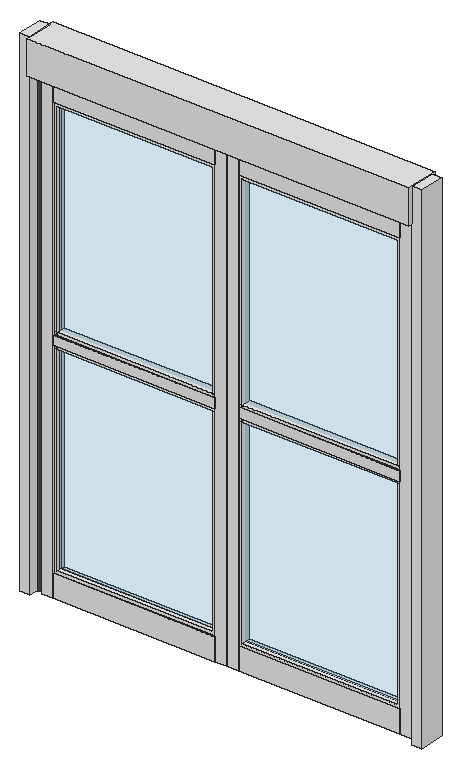
Revit family "Door_Swing_AssaAbloy_SW200i-OHC-Double", category Doors, host Wall, Revit 2026
Family settings
  Host = Wall
  Classification Number = 23.30.10.17.24
  Always vertical = Yes
  Cut with Voids When Loaded = No
  Shared = No
  Room Calculation Point = No
Parameters (values of type "Inswing with Panic Out")
  Wall CL Offset Notes [instance] = "Use positive or negative values to determine location"  # constant formula
  Stile Width [instance] = if(Medium Stile, 0' 4", 0' 2 1/8")  # 0' - 2 1/8"
  Standards Conformance = ""
  Offset from Wall CL [instance] = 0' - 0"
  Glazing Type [instance] = ""
  Glazing Tint [instance] = Glass
  Glazing Thickness [instance] = 0' - 0 1/4"
  Glazing Configuration [instance] = ""
  Frame Depth = 0' - 4 1/2"
  Finger Catch Color [instance] = Plastic - Besam - Black
  Rail Height_Base [instance] = 0' - 4"
  RO Offset = 0' - 0 1/4"
  Panic Breakout = yes
  Panel Thickness = 0' - 1 7/8"
  Panel Height [instance] = if(1 = 1, Height - 0' 6", 0' 0")  # 6' - 11 3/4"
  Outswing = no
  Narrow Stile [instance] = not(Medium Stile)  # yes
  Muntins [instance] = yes
  Medium Stile [instance] = no
  Inswing = yes
  Function = Interior
  Jamb Width = 0' - 1 3/4"
  Frame Finish [instance] = Metal - Aluminum - Besam - Anodized - Clear
  Electrical_Voltage = 120 V
  Electrical_Frequency = 60 Hz
  Electrical_Amperage = 20 A
  Clear Opening Width [instance] = 0' - 0"
  Clear Opening Height [instance] = 0' - 0"
  Panel Width [instance] = (Width / 2) - Jamb Width - 0' 1"  # 2' - 9 1/4"
  Warranty Duration (Years) = 0
  URL = "http://www.besam-usa.com/en/besam/us/"
  Thickness = 0' - 0"  # constant formula
  Test Data = ""
  Specification = "http://www.arcat.com/sd/clients/besamaut.html?coid=30906"
  SpecWizard = "http://www.arcat.com/specwizard/clients/besamaut.html?coid=30906"
  Send Message = "http://www.arcat.com/users.pl?action=UserEmail&company=Besam%20Entrance%20Solutions&coid=30906&rep=141&fax=704-290-5555&mf="
  Sales Information = "http://www.besam-usa.com/en/besam/us/About-us/Contact-Us/"
  Rough Width [instance] = (Width + (RO Offset * 2))  # 6' - 0 1/2"
  Rough Height [instance] = (Height + (RO Offset))  # 7' - 6"
  Product Properties = "http://www.besam-usa.com/en/besam/us/Products/"
  Product Data = "http://www.arcat.com/arcatcos/cos30/arc30906.html"
  Manufacturer Website = "http://www.besam-usa.com/en/besam/us/"
  Manufacturer Phone - Toll Free = "877-SPEC-123"
  Manufacturer Fax = "704-290-5555"
  Manufacturer Address = "1900 Airport Rd., Monroe, NC 28110"
  Maintenance Schedule (Months) = 0
  Installation-Fabrication = "http://www.besam-usa.com/en/besam/us/Downloads/"
  Installation Phase = ""
  Green Building-LEED = "http://www.arcat.com/green/clients/leed_data_30906.html"
  Model = "Besam SW200i OHC Double Door Package"
  Manufacturer = "ASSA ABLOY Entrance Systems"
  Keynote = "08000"
  Height [instance] = 7' - 5 3/4"
  Wall Closure = By host
  Width [instance] = 6' - 0"
  Fire Rating = "As Specified"
  Expected Lifespan (Years) = 0
  Drawn By = "Sumex Design, Inc. / Robert S. Weygant, CSI, CDT, SCIP"
  Description = "ASSA ABLOY Low Energy Double Swing Door - Besam SW200i OHC Double Door Package as Specified"
  Copyright = "©Arcat Inc."
  Construction Details = "http://www.arcat.com/details/besamaut/besamaut.html?coid=30906"
  Building Codes = ""
  Assembly Code = "B2030110"
Types (2): name | Panic Breakout | Outswing | Inswing
  Inswing with Panic Out | yes | no | yes
  Outswing | no | yes | no
Reference planes (in)
  plane 1 "Center (Front/Back)": y = -33.96225
  plane 2 "Center (Left/Right)": x = 64.28704
  plane 3: z = 0
  plane 4 "Right": x = 100.28704
  plane 5 "Left": x = 28.28704
  plane 6 "Closure": y = -35.96225
  plane 7: z = 0
  plane 8 "Top of Frame": z = 89.75
  plane 9 "RO Top": z = 90
  plane 10 "RO Right": x = 100.53704
  plane 11 "RO Left": x = 28.03704
  plane 12: x = 98.53704
  plane 13: x = 30.03704
  plane 14: z = 83.75
  plane 15: y = -30.96225
  plane 16: y = -27.96225
  plane 17: x = 81.41204
  plane 18: x = 47.16204
Forms (in)
  Extrusion 1, void
    sketch origin (0, -33.96225, 0) x (1, 0, 0) y (0, 0, 1)
      loop
        line (67.28704, 0) -> (67.28704, 3) -> (61.28704, 3) -> (61.28704, 0) -> (67.28704, 0)
    from 0 <- "Offset from Wall CL" to 14.81639
Lines and regions (in)
  Opening 1
    outline origin (-109.33485, -35.96225, 0) x (1, 0, 0) y (0, 0, 1)
      loop
        line (137.37189, 0) -> (209.87189, 0) -> (209.87189, 90) -> (137.37189, 90) -> (137.37189, 0)
Text (in)
  text "Exterior" at (48.04558, 2.31104, 0), in view "Plan"
  text "Interior" at (48.04558, -50.14366, 0), in view "Plan"
  text "Exterior" at (0, -17.98638, 123.01588), in view "Right"
  text "Interior" at (0, -64.39139, 123.01588), in view "Right"
  text "Interior" at (0, -52.09468, 121.14095), in view "Left"
  text "Exterior" at (0, 26.35325, 123.00693), in view "Left"
Dimensions and locks (in)
  equal spacing: plane 4 "Right", plane 2 "Center (Left/Right)", plane 5 "Left"
  "Width": plane 5 "Left" to plane 4 "Right"
  "Height": level to plane 8 "Top of Frame"
  "RO Offset": plane 5 "Left" to plane 11 "RO Left"
  "RO Offset": plane 10 "RO Right" to plane 4 "Right"
  "RO Offset": plane 9 "RO Top" to plane 8 "Top of Frame"
  "Jamb Width": plane 5 "Left" to plane 13
  "Jamb Width": plane 4 "Right" to plane 12
  locked: plane 14 to plane 8 "Top of Frame" at 6
  locked: plane 15 to plane 1 "Center (Front/Back)" at 3
  locked: plane 16 to plane 15 at 3
  equal spacing: plane 2 "Center (Left/Right)", plane 17, plane 12
  equal spacing: plane 2 "Center (Left/Right)", plane 18, plane 13
  aligned and locked: host wall to plane 1 "Center (Front/Back)"
  aligned and locked: host wall to plane 6 "Closure"
  aligned and locked: Opening 1 sketch curve to level
  aligned and locked: plane 10 "RO Right" to Opening 1 sketch curve
  aligned and locked: Opening 1 sketch curve to plane 9 "RO Top"
  aligned and locked: plane 11 "RO Left" to Opening 1 sketch curve
  aligned and locked: plane 2 "Center (Left/Right)" to nested 2
  aligned and locked: plane 2 "Center (Left/Right)" to nested 1
  aligned: plane 1 "Center (Front/Back)" to nested 1
  aligned: nested 2 to plane 1 "Center (Front/Back)"
  aligned and locked: nested 3 to Extrusion 1
  aligned and locked: nested 2 to Extrusion 1
  aligned and locked: nested 1 to Extrusion 1
Automatic sketch dimensions
  Extrusion 1 sketch curve to level = 0' - 0"
  Extrusion 1 sketch curve to plane 2 "Center (Left/Right)" = 0' - 3"
  plane 2 "Center (Left/Right)" to Extrusion 1 sketch curve = 0' - 3"
  Extrusion 1 sketch curve to Extrusion 1 sketch curve = 0' - 3"
Nested families (in)
  nested 1: "Panel_Passport" at (47.66204, -33.96225, 0), Muntin <- "Muntins", Glass Type <- "Glazing Tint", Width <- "Panel Width", Thickness <- "Panel Thickness", Height <- "Panel Height", Glass Thickness <- "Glazing Thickness", Sensor Material <- "Finger Catch Color", Panic Breakout Swing <- "Panic Breakout", Frame Material <- "Frame Finish", type "Panel_Passport"
    with Width 2' - 9 1/4", Thickness 0' - 1 7/8", Surface Mount Panic yes, Sensor Material Plastic - Besam - Black, Panic Swing Side yes, Panic Hardware no, Panic Breakout Swing yes, Outswing no, Muntin yes, Inswing yes, Height 6' - 11 3/4", Hardware Finish Metal - Aluminum - Besam - Anodized - Clear, Glass Type Glass, Glass Thickness 0' - 0 1/4", Frame Material Metal - Aluminum - Besam - Anodized - Clear
  nested 2: "Panel_Passport" at (80.91204, -33.96225, 0) x (-1, 0, 0) z (0, 0, 1), Muntin <- "Muntins", Glass Type <- "Glazing Tint", Width <- "Panel Width", Thickness <- "Panel Thickness", Height <- "Panel Height", Glass Thickness <- "Glazing Thickness", Sensor Material <- "Finger Catch Color", Panic Breakout Swing <- "Panic Breakout", Frame Material <- "Frame Finish", type "Panel_Passport"
    with Width 2' - 9 1/4", Thickness 0' - 1 7/8", Surface Mount Panic yes, Sensor Material Plastic - Besam - Black, Panic Swing Side yes, Panic Hardware no, Panic Breakout Swing yes, Outswing no, Muntin yes, Inswing yes, Height 6' - 11 3/4", Hardware Finish Metal - Aluminum - Besam - Anodized - Clear, Glass Type Glass, Glass Thickness 0' - 0 1/4", Frame Material Metal - Aluminum - Besam - Anodized - Clear
  nested 3: "Frame" at (64.28704, -33.96225, 0), frame finish <- "Frame Finish", width <- "Width", height <- "Height", hardware finish <- "Finger Catch Color", type "Frame"
    with width 6' - 0", height 7' - 5 3/4", hardware finish Plastic - Besam - Black, frame finish Metal - Aluminum - Besam - Anodized - Clear
Definition of nested family "Panel_Passport"
  Parameters
    Width [instance] = 3' - 0"
    Thickness [instance] = 0' - 1 7/8"
    Surface Mount Panic [instance] = yes
    Stile Width = 0' - 2 1/8"
    Sensor Material [instance] = none
    Rail Width_Top = 0' - 4"
    Rail Width_Base = 0' - 4"
    Panic Hardware [instance] = no
    Panic Swing Side [instance] = Panic Breakout Swing  # no
    Panic Breakout Swing [instance] = no
    Outswing [instance] = no
    Muntin [instance] = no
    Inswing [instance] = yes
    Height [instance] = 7' - 0"
    Hardware Finish [instance] = none
    Glass Type [instance] = none
    Glass Thickness [instance] = 0' - 1"
    Frame Material [instance] = none
    Assembly Code = ""
  Reference planes (in)
    plane 1 "Center (Front/Back)": y = 0
    plane 2: z = 0
    plane 3 "Center (Left/Right)": x = 0
    plane 4: x = -18
    plane 5: x = 18
    plane 6 "Frame_Ext": y = 0.9375
    plane 7 "Frame_Int": y = -0.9375
    plane 8: z = 84
    plane 9: x = -15.875
    plane 10: z = 80
    plane 11: x = 15.875
    plane 12: z = 4
    plane 13 "Glass_Ext": y = 0.5
    plane 14 "Glass_Int": y = -0.5
    plane 15: z = 41.5
    plane 16: x = -15.25
    plane 17: x = 16.75
    plane 18: z = 42
    plane 19: x = 15.375
  Forms (in)
    Sweep 1, solid, material <- "Frame Material"
      path origin (0, 0, 0) x (1, 0, 0) y (0, 0, 1)
        loop
          line (-15.875, 80) -> (-15.875, 4) -> (15.875, 4) -> (15.875, 80) -> (-15.875, 80)
      profile origin (0, 0, 80) x (0, 0, 1) y (0, -1, 0)
        loop
          line (0, -0.8125) -> (0, 0.8125) -> (-0.5, 0.8125) -> (-0.5, -0.8125) -> (0, -0.8125)
    Extrusion 2, solid, material <- "Frame Material"
      sketch origin (0, 0, 0) x (1, 0, 0) y (0, 1, 0)
        loop
          line (-18, 0.9375) -> (-18, -0.9375) -> (-15.875, -0.9375) -> (-15.875, 0.9375) -> (-18, 0.9375)
      from 0 to 84
    Extrusion 3, solid, material <- "Frame Material"
      sketch origin (0, 0, 0) x (1, 0, 0) y (0, 1, 0)
        loop
          line (15.875, 0.9375) -> (15.875, -0.9375) -> (18, -0.9375) -> (18, 0.9375) -> (15.875, 0.9375)
      from 0 to 84
    Extrusion 4, solid, material <- "Frame Material"
      sketch origin (-30.93404, 0.9375, 48) x (-1, 0, 0) y (0, 0, 1)
        loop
          line (-15.05904, -44) -> (-46.80904, -44) -> (-46.80904, -48) -> (-15.05904, -48) -> (-15.05904, -44)
      from 0 to -1.875
    Extrusion 5, solid, material <- "Frame Material"
      sketch origin (-30.93404, 0.9375, 48) x (-1, 0, 0) y (0, 0, 1)
        loop
          line (-15.05904, 36) -> (-46.80904, 36) -> (-46.80904, 32) -> (-15.05904, 32) -> (-15.05904, 36)
      from 0 to -1.875
    Extrusion 6, solid, material <- "Glass Type"
      sketch origin (-19.12252, 0.5, 48) x (-1, 0, 0) y (0, 0, 1)
        loop
          line (-3.87252, 31.5) -> (-34.49752, 31.5) -> (-34.49752, -43.5) -> (-3.87252, -43.5) -> (-3.87252, 31.5)
      from 0 to -1
    Sweep 7, solid, material <- "Frame Material", visible <- "Muntin"
      path origin (0, 0, 0) x (1, 0, 0) y (0, 0, 1)
        loop
          line (-15.875, 41.5) -> (15.875, 41.5)
      profile origin (0, 0, 41.5) x (0, 0, 1) y (0, -1, 0)
        loop
          line (0.875, 0.9375) -> (-0.875, 0.9375) -> (-0.875, 0.8125) -> (-1.375, 0.8125) -> (-1.375, -0.8125) -> (-0.875, -0.8125) -> (-0.875, -0.9375) -> (0.875, -0.9375) -> (0.875, -0.8125) -> (1.375, -0.8125) -> (1.375, 0.8125) -> (0.875, 0.8125) -> (0.875, 0.9375)
  Cuts and joins
    joined: Extrusion 4, Extrusion 5
  Lines and regions (in)
    symbolic lines, visible <- "Inswing"
      curve 1: arc (18, 0, 0) -> (8.2613, 23.5113, 0) -> (-15.25, 33.25, 0) r 33.25
      curve 2: line (-15.25, 33.25, 0) -> (-15.25, 0, 0)
    symbolic lines, visible <- "Outswing"
      curve 3: arc (18, 0, 0) -> (8.2613, -23.5113, 0) -> (-15.25, -33.25, 0) r 33.25
      curve 4: line (-15.25, -33.25, 0) -> (-15.25, 0, 0)
    model lines
      curve 5: line (18, -0.9375, 84) -> (-15.25, -0.9375, 42)
      curve 6: line (-15.25, -0.9375, 42) -> (18, -0.9375, 0)
      curve 7: line (18, 0.9375, 84) -> (-15.25, 0.9375, 42)
      curve 8: line (-15.25, 0.9375, 42) -> (18, 0.9375, 0)
    symbolic lines, visible <- "Panic Breakout Swing"
      curve 9: arc (18, 0, 0) -> (8.2613, 23.5113, 0) -> (-15.25, 33.25, 0) r 33.25
      curve 10: line (-15.25, 33.25, 0) -> (-15.25, 0, 0)
  Dimensions and locks (in)
    equal spacing: plane 7 "Frame_Int", plane 1 "Center (Front/Back)", plane 6 "Frame_Ext"
    "Thickness": plane 6 "Frame_Ext" to plane 7 "Frame_Int"
    equal spacing: plane 4, plane 3 "Center (Left/Right)", plane 5
    "Width": plane 4 to plane 5
    "Height": plane 8 to level
    "Rail Width_Top": plane 8 to plane 10
    "Stile Width": plane 9 to plane 4
    "Stile Width": plane 5 to plane 11
    "Rail Width_Base": plane 12 to level
    locked: Sweep 1 sketch curve to plane 7 "Frame_Int" at 0.125
    locked: plane 6 "Frame_Ext" to Sweep 1 sketch curve at 0.125
    equal spacing: plane 14 "Glass_Int", plane 1 "Center (Front/Back)", plane 13 "Glass_Ext"
    "Glass Thickness": plane 14 "Glass_Int" to plane 13 "Glass_Ext"
    locked: plane 15 to level at 41.5
    locked: plane 6 "Frame_Ext" to Sweep 7 sketch curve at 0.125  (x2)
    locked: Sweep 7 sketch curve to plane 7 "Frame_Int" at 0.125  (x2)
    locked: plane 17 to plane 5 at 1.25
    locked: plane 4 to plane 16 at 2.75
    equal spacing: plane 8, plane 18, level
    locked: plane 11 to plane 19 at 0.5
    aligned and locked: plane 8 to Extrusion 3
    aligned and locked: plane 8 to Extrusion 2
    aligned and locked: Extrusion 5 to plane 7 "Frame_Int"
    aligned and locked: Extrusion 4 to plane 7 "Frame_Int"
    aligned and locked: plane 14 "Glass_Int" to Extrusion 6
    aligned and locked: plane 7 "Frame_Int" to Sweep 7 sketch curve
    aligned and locked: plane 6 "Frame_Ext" to Sweep 7 sketch curve
    aligned and locked: plane 16 to curve 6
    aligned and locked: plane 18 to curve 6
  Automatic sketch dimensions
    Sweep 1 sketch curve to plane 9 = 0' - 0"
    Sweep 1 sketch curve to plane 11 = 0' - 0"
    Sweep 1 sketch curve to plane 12 = 0' - 0"
    Sweep 1 sketch curve to plane 10 = 0' - 0"
    Sweep 1 sketch curve to profile plane = 0' - 0"
    Sweep 1 sketch curve to Sweep 1 sketch curve = 0' - 0 1/2"
    Extrusion 4 sketch curve to plane 11 = 0' - 0"
    Extrusion 4 sketch curve to level = 0' - 0"
    Extrusion 4 sketch curve to plane 9 = 0' - 0"
    Extrusion 4 sketch curve to plane 12 = 0' - 0"
    Extrusion 6 sketch curve to plane 19 = 0' - 0"
    Extrusion 6 sketch curve to plane 16 = 0' - 0"
    plane 12 to Extrusion 6 sketch curve = 0' - 0 1/2"
    Extrusion 6 sketch curve to plane 10 = 0' - 0 1/2"
    Sweep 7 sketch curve to plane 9 = 0' - 0"
    Sweep 7 sketch curve to plane 11 = 0' - 0"
    Sweep 7 sketch curve to plane 15 = 0' - 0"
    profile plane to Sweep 7 sketch curve = 0' - 1 3/8"
    Sweep 7 sketch curve to Sweep 7 sketch curve = 0' - 0 1/2"  (x3)
    Sweep 7 sketch curve to profile plane = 0' - 0 7/8"  (x2)
    curve 1 to curve 9 = 0' - 0"
    plane 1 "Center (Front/Back)" to curve 1 = 0' - 0"
    curve 1 to plane 16 = 0' - 0"
    plane 1 "Center (Front/Back)" to curve 2 = 0' - 0"
    Extrusion 2 sketch curve to plane 4 = 0' - 0"
    Extrusion 2 sketch curve to plane 7 "Frame_Int" = 0' - 0"
    Extrusion 2 sketch curve to plane 9 = 0' - 0"
    Extrusion 2 sketch curve to plane 6 "Frame_Ext" = 0' - 0"
    Extrusion 3 sketch curve to plane 7 "Frame_Int" = 0' - 0"
    Extrusion 3 sketch curve to plane 11 = 0' - 0"
    Extrusion 3 sketch curve to plane 5 = 0' - 0"
    Extrusion 3 sketch curve to plane 6 "Frame_Ext" = 0' - 0"
    Extrusion 5 sketch curve to plane 8 = 0' - 0"
    Extrusion 5 sketch curve to plane 11 = 0' - 0"
    Extrusion 5 sketch curve to plane 9 = 0' - 0"
    Extrusion 5 sketch curve to plane 10 = 0' - 0"
    curve 6 to level = 0' - 0"
    curve 6 to plane 5 = 0' - 0"
    curve 5 to plane 5 = 0' - 0"
    curve 5 to plane 8 = 0' - 0"
    curve 8 to level = 0' - 0"
    curve 8 to plane 5 = 0' - 0"
    curve 7 to plane 5 = 0' - 0"
    curve 8 to plane 16 = 0' - 0"
    curve 8 to plane 18 = 0' - 0"
    curve 7 to plane 8 = 0' - 0"
    curve 1 to plane 5 = 0' - 0"
Definition of nested family "Frame"
  Parameters
    width [instance] = 4' - 0"
    height [instance] = 5' - 8.64508"
    hardware finish [instance] = none
    frame finish [instance] = none
    Default Elevation = 0' - 0"
  Reference planes (in)
    plane 1 "Center (Front/Back)": y = 0
    plane 2: z = 0
    plane 3 "Center (Left/Right)": x = 0
    plane 4: x = -24
    plane 5: x = 24
    plane 6: x = -22.25
    plane 7: x = 22.25
    plane 8: z = 68.64508
    plane 9: z = 62.64508
  Forms (in)
    Extrusion 1, solid, material <- "frame finish"
      sketch origin (0, 0, 0) x (1, 0, 0) y (0, 1, 0)
        loop
          line (-24, -2.25) -> (-22.25, -2.25) -> (-22.25, 2.25) -> (-24, 2.25) -> (-24, -2.25)
        loop
          line (24, -2.25) -> (24, 2.25) -> (22.25, 2.25) -> (22.25, -2.25) -> (24, -2.25)
      from 0 to 68.64508
    Extrusion 2, solid, material <- "hardware finish"
      sketch origin (0, 0, 0) x (1, 0, 0) y (0, 1, 0)
        loop
          line (-22.25, -0.75) -> (-21.25, -0.5) -> (-21.25, 0.5) -> (-22.25, 0.75) -> (-22.25, -0.75)
      from 0 to 62.64508
    Extrusion 3, solid, material <- "frame finish"
      sketch origin (0, 0, 0) x (0, 1, 0) y (0, 0, 1)
        loop
          line (3, 62.64508) -> (3, 68.64508) -> (-3, 68.64508) -> (-3, 62.64508) -> (3, 62.64508)
      from -22.25 to 22.25
    Extrusion 4, solid, material <- "hardware finish"
      sketch origin (0, 0, 0) x (-1, 0, 0) y (0, -1, 0)
        loop
          line (-22.25, 0.75) -> (-22.25, -0.75) -> (-21.25, -0.5) -> (-21.25, 0.5) -> (-22.25, 0.75)
      from 0 to 62.64508
  Dimensions and locks (in)
    locked: plane 4 to plane 6 at 1.75
    locked: plane 7 to plane 5 at 1.75
    equal spacing: plane 4, plane 3 "Center (Left/Right)", plane 5
    "width": plane 4 to plane 5
    "height": plane 8 to level
    locked: plane 8 to plane 9 at 6
    locked: plane 9 to Extrusion 3 sketch curve
    aligned and locked: plane 2 to level
    aligned and locked: plane 8 to Extrusion 1
    aligned and locked: plane 9 to Extrusion 2
    aligned and locked: Extrusion 3 sketch curve to plane 8
    aligned and locked: Extrusion 3 to plane 6
    aligned and locked: plane 7 to Extrusion 3
    aligned and locked: plane 9 to Extrusion 4
  Automatic sketch dimensions
    Extrusion 1 sketch curve to plane 4 = 0' - 0"
    Extrusion 1 sketch curve to plane 6 = 0' - 0"
    Extrusion 1 sketch curve to plane 7 = 0' - 0"
    Extrusion 1 sketch curve to plane 5 = 0' - 0"
    plane 1 "Center (Front/Back)" to Extrusion 1 sketch curve = 0' - 2 1/4"  (x2)
    Extrusion 1 sketch curve to plane 1 "Center (Front/Back)" = 0' - 2 1/4"  (x2)
    Extrusion 2 sketch curve to plane 6 = 0' - 0"
    plane 1 "Center (Front/Back)" to Extrusion 2 sketch curve = 0' - 0 1/2"
    plane 6 to Extrusion 2 sketch curve = 0' - 1"
    plane 1 "Center (Front/Back)" to Extrusion 2 sketch curve = 0' - 0 3/4"
    Extrusion 2 sketch curve to plane 1 "Center (Front/Back)" = 0' - 0 1/2"
    Extrusion 2 sketch curve to plane 1 "Center (Front/Back)" = 0' - 0 3/4"
    plane 1 "Center (Front/Back)" to Extrusion 3 sketch curve = 0' - 3"
    Extrusion 3 sketch curve to plane 1 "Center (Front/Back)" = 0' - 3"
    Extrusion 4 sketch curve to plane 7 = 0' - 0"
    Extrusion 4 sketch curve to plane 1 "Center (Front/Back)" = 0' - 0 1/2"
    plane 7 to Extrusion 4 sketch curve = 0' - 1"
    Extrusion 4 sketch curve to plane 1 "Center (Front/Back)" = 0' - 0 3/4"
    plane 1 "Center (Front/Back)" to Extrusion 4 sketch curve = 0' - 0 1/2"
    plane 1 "Center (Front/Back)" to Extrusion 4 sketch curve = 0' - 0 3/4"
